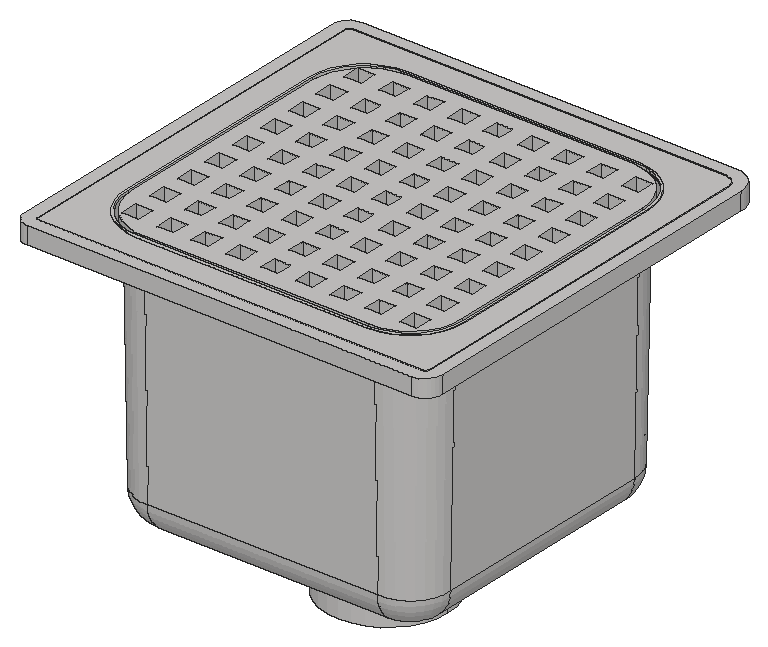
Revit family "Receptor_Sani-Flor_12-In_Square_8-In_Sump_Zurn-Z1751", category Plumbing Fixtures, Revit 2022
Family settings
  Round Connector Dimension = Use Radius
  Part Type = Normal
  OmniClass Number = 23.45.05.14.14
  OmniClass Title = Sinks/Lavatories
  Work Plane-Based = No
  Always vertical = Yes
  Cut with Voids When Loaded = No
  Maintain Annotation Orientation = No
  Shared = No
  Room Calculation Point = No
Parameters (values of type "Load Family Type Catalog")
  Waste Connection = 1 = 1  # yes
  WFU = 0  # constant formula
  Vent Connection = 1 = 0  # no
  URL = "www.zurn.com"
  Type Comments = "Z1751 Sani-Flor Receptor 3 Inch No-Hub Outlet"
  Trap Primer = 1 = 1  # yes
  Thickness = 0.0625"
  Grate Open Area (Sq. In) = "23"
  Product data url = "https://www.bimobject.com/en/zurnindustries/product/zurn-z1751?registration=success"
  Product Page URL = "https://www.zurn.com/products/drainage-interceptors/floor-sinks/z1751"
  Product Documentation Link = "https://files.zurn.com/spec-sheets/z1751.pdf"
  Connector Radius = [A_ Pipe Size (Nominal)] / 2  # 1.500"
  Model = "Z1751-3NH"
  Main Material = Steel - Zurn - Stainless - Type 304
  HWFU = 0  # constant formula
  HW Connection = 1 = 0  # no
  Description = "12 X 12 [305 X 305] SANI-FLOR RECEPTOR 8 [203] SUMP DEPTH"  # constant formula
  CWFU = 0  # constant formula
  CW Connection = 1 = 0  # no
  Assembly Code = "D2030300"
  A_ Pipe Size (Nominal) = 3.000"
  A_ Pipe Size (Actual-Outer) = 3.500"
  A_ Pipe Size (Actual-Inner) = 2.998"
  Modified Date = "09/24/2025"  # constant formula
  Manufacurer Brand = "Zurn"  # constant formula
  Manufacturer = "Zurn Water, LLC"  # constant formula
  E_ Body Length = 10.063"
  Default Elevation = 4.000"  # constant formula
  Date Created = "01/19/2018"  # constant formula
  Approx. Weight (Lbs) = 19.000"
Reference planes (in)
  plane 1 "Center (Front/Back)": y = 0
  plane 2 "Top Level": z = -2.0625
  plane 3 "Center (Left/Right)": x = 0
  plane 4: through (-4.38902, 4.38902, 48) normal (0.7071, 0.7071, 0)
  plane 5: through (4.7432, 4.7432, 48) normal (0.7071, -0.7071, 0)
  plane 6: x = -6
  plane 7: x = 6
  plane 8: x = -5.9375
  plane 9: x = 5.9375
  plane 10: z = -0.5
  plane 11: z = -1.0625
  plane 12: x = -1.75
  plane 13: x = 1.75
  plane 14: x = -1.499
  plane 15: x = 1.499
  plane 16: z = -7.9375
  plane 17: z = -8
  plane 18: z = -10.063
  plane 19: z = -0.0625
  plane 20: y = 0.5
  plane 21: y = 5.5
  plane 22: y = 5
  plane 23: y = 3.75
  plane 24: y = 2
  plane 25: y = 4.375
  plane 26: y = -0.5
  plane 27: y = -3.75
  plane 28: y = -4.375
  plane 29: y = -5.5
  plane 30: y = -5
  plane 31: y = -2
  plane 32: y = 1.75
  plane 33: y = -1.75
  plane 34: y = 6.125
  plane 35: y = -6.125
  plane 36: x = -4.8125
  plane 37: x = 4.8125
  plane 38: x = -4.875
  plane 39: x = 4.875
  plane 40: z = -1.125
  plane 41: x = -4.5
  plane 42: x = 4.5
Forms (in)
  Sweep 1, solid, material "Steel - Zurn - Stainless - Type 304" <- "Main Material", detail levels fine
    path origin (0, 0, 0) x (1, 0, 0) y (0, 1, 0)
      loop
        arc (-3.3125, 4.8125) -> (-4.37316, 4.37316) -> (-4.8125, 3.3125) r 1.5
        line (-4.8125, 3.3125) -> (-4.8125, -3.3125)
        arc (-4.8125, -3.3125) -> (-4.37316, -4.37316) -> (-3.3125, -4.8125) r 1.5
        line (-3.3125, -4.8125) -> (3.3125, -4.8125)
        arc (3.3125, -4.8125) -> (4.37316, -4.37316) -> (4.8125, -3.3125) r 1.5
        line (4.8125, -3.3125) -> (4.8125, 3.3125)
        arc (4.8125, 3.3125) -> (4.37316, 4.37316) -> (3.3125, 4.8125) r 1.5
        line (3.3125, 4.8125) -> (-3.3125, 4.8125)
    profile origin (-4.8125, 0, 0) x (-1, 0, 0) y (0, 0, 1)
      loop
        line (0, -1.0625) -> (-0.28125, -1.0625) -> (-0.38625, -7.07777)
        arc (-0.38625, -7.07777) -> (-0.64782, -7.68659) -> (-1.26111, -7.9375) r 0.875
        line (-1.26111, -7.9375) -> (-1.4625, -7.9375) -> (-1.4625, -8) -> (-1.26111, -8)
        arc (-1.26111, -8) -> (-0.60401, -7.73117) -> (-0.32376, -7.07886) r 0.9375
        line (-0.32376, -7.07886) -> (-0.21983, -1.125) -> (0.0625, -1.125) -> (0.0625, 0) -> (0, 0) -> (0, -1.0625)
  Revolve 2, solid, material "Steel - Zurn - Stainless - Type 304" <- "Main Material", detail levels fine
    sketch origin (0, 0, 0) x (1, 0, 0) y (0, 0, 1)
      loop
        line (-1.75, -7.9375) -> (-1.75, -10.063) -> (-1.499, -10.063) -> (-1.499, -7.9375) -> (-1.75, -7.9375)
      axis (0, -7.9375) -> (0, -10.063)
    angle from 0 to 360
  Extrusion 3, solid, material "Steel - Zurn - Stainless - Type 304" <- "Main Material", detail levels fine
    sketch origin (0, 0, 0) x (1, 0, 0) y (0, 1, 0)
      loop
        circle (0, 0) r 1.75
      loop
        arc (-3.35, -3.1625) -> (-3.29508, -3.29508) -> (-3.1625, -3.35) r 0.1875
        line (-3.1625, -3.35) -> (3.3125, -3.35)
        arc (3.3125, -3.35) -> (3.33902, -3.33902) -> (3.35, -3.3125) r 0.0375
        line (3.35, -3.3125) -> (3.35, 3.3125)
        arc (3.35, 3.3125) -> (3.33902, 3.33902) -> (3.3125, 3.35) r 0.0375
        line (3.3125, 3.35) -> (-3.3125, 3.35)
        arc (-3.3125, 3.35) -> (-3.33902, 3.33902) -> (-3.35, 3.3125) r 0.0375
        line (-3.35, 3.3125) -> (-3.35, -3.1625)
    from -8 to -7.9375
  Sweep 4, solid, material "Steel - Zurn - Stainless - Type 304" <- "Main Material", detail levels fine
    path origin (0, 0, 0) x (1, 0, 0) y (0, 1, 0)
      loop
        arc (-5.5, 6) -> (-5.85355, 5.85355) -> (-6, 5.5) r 0.5
        line (-6, 5.5) -> (-6, -5.56226)
        arc (-6, -5.56226) -> (-5.87179, -5.87179) -> (-5.56226, -6) r 0.43774
        line (-5.56226, -6) -> (5.5, -6)
        arc (5.5, -6) -> (5.85355, -5.85355) -> (6, -5.5) r 0.5
        line (6, -5.5) -> (6, 5.25)
        arc (6, 5.25) -> (5.78033, 5.78033) -> (5.25, 6) r 0.75
        line (5.25, 6) -> (-5.5, 6)
    profile origin (-6, -0.03113, 0) x (-1, 0, 0) y (0, 0, 1)
      loop
        line (-0.375, 0) -> (-0.375, -0.0625) -> (-0.0625, -0.0625) -> (-0.0625, -0.5) -> (0, -0.5) -> (0, 0) -> (-0.375, 0)
  Extrusion 5, solid, material "Steel - Zurn - Stainless - Type 304" <- "Main Material", detail levels fine
    sketch origin (0, 0, 0) x (1, 0, 0) y (0, 1, 0)
      loop
        arc (-5.5, 5.625) -> (-5.58839, 5.58839) -> (-5.625, 5.5) r 0.125
        line (-5.625, 5.5) -> (-5.625, -5.56226)
        arc (-5.625, -5.56226) -> (-5.60663, -5.60663) -> (-5.56226, -5.625) r 0.06274
        line (-5.56226, -5.625) -> (5.5, -5.625)
        arc (5.5, -5.625) -> (5.58839, -5.58839) -> (5.625, -5.5) r 0.125
        line (5.625, -5.5) -> (5.625, 5.25)
        arc (5.625, 5.25) -> (5.51517, 5.51517) -> (5.25, 5.625) r 0.375
        line (5.25, 5.625) -> (-5.5, 5.625)
      loop
        line (-3.3125, -4.8125) -> (3.3125, -4.8125)
        arc (3.3125, -4.8125) -> (4.37316, -4.37316) -> (4.8125, -3.3125) r 1.5
        line (4.8125, -3.3125) -> (4.8125, 3.3125)
        arc (4.8125, 3.3125) -> (4.37316, 4.37316) -> (3.3125, 4.8125) r 1.5
        line (3.3125, 4.8125) -> (-3.3125, 4.8125)
        arc (-3.3125, 4.8125) -> (-4.37316, 4.37316) -> (-4.8125, 3.3125) r 1.5
        line (-4.8125, 3.3125) -> (-4.8125, -3.3125)
        arc (-4.8125, -3.3125) -> (-4.37316, -4.37316) -> (-3.3125, -4.8125) r 1.5
    from -0.0625 to 0
Lines and regions (in)
  Masking region 1, detail levels fine
    outline origin (0, 0, 0) x (1, 0, 0) y (0, 1, 0)
      loop
        line (5.25, 6) -> (-5.5, 6)
        arc (-5.5, 6) -> (-5.85355, 5.85355) -> (-6, 5.5) r 0.5
        line (-6, 5.5) -> (-6, -5.56226)
        arc (-6, -5.56226) -> (-5.87179, -5.87179) -> (-5.56226, -6) r 0.43774
        line (-5.56226, -6) -> (5.5, -6)
        arc (5.5, -6) -> (5.85355, -5.85355) -> (6, -5.5) r 0.5
        line (6, -5.5) -> (6, 5.25)
        arc (6, 5.25) -> (5.78033, 5.78033) -> (5.25, 6) r 0.75
  model lines, detail levels coarse+medium
    curve 1: line (0, 0, 0) -> (0, 0, -10.063)
    curve 2: line (-1.75, 0, -10.063) -> (1.75, 0, -10.063)
    curve 3: line (0, 1.75, -10.063) -> (0, -1.75, -10.063)
    curve 8: line (5.25, 6, 0) -> (-5.5, 6, 0)
    curve 9: line (-6, 5.5, 0) -> (-6, -5.56226, 0)
    curve 10: line (-5.56226, -6, 0) -> (5.5, -6, 0)
    curve 11: line (6, -5.5, 0) -> (6, 5.25, 0)
    curve 12: arc (6, -5.5, 0) -> (5.85355, -5.85355, 0) -> (5.5, -6, 0) r 0.5
    curve 13: arc (-5.56226, -6, 0) -> (-5.87179, -5.87179, 0) -> (-6, -5.56226, 0) r 0.43774
    curve 14: arc (-6, 5.5, 0) -> (-5.85355, 5.85355, 0) -> (-5.5, 6, 0) r 0.5
    curve 15: arc (5.25, 6, 0) -> (5.78033, 5.78033, 0) -> (6, 5.25, 0) r 0.75
    curve 16: line (3.25, 4.73568, 0) -> (-3.236, 4.73568, 0)
    curve 17: line (4.75, -3.236, 0) -> (4.75, 3.23568, 0)
    curve 18: line (-3.236, -4.736, 0) -> (3.25, -4.736, 0)
    curve 19: line (-4.736, 3.23568, 0) -> (-4.736, -3.236, 0)
    curve 20: arc (-3.236, 4.73568, 0) -> (-4.29666, 4.29634, 0) -> (-4.736, 3.23568, 0) r 1.5
    curve 21: arc (-4.736, -3.236, 0) -> (-4.29666, -4.29666, 0) -> (-3.236, -4.736, 0) r 1.5
    curve 22: arc (3.25, -4.736, 0) -> (4.31066, -4.29666, 0) -> (4.75, -3.236, 0) r 1.5
    curve 23: arc (4.75, 3.23568, 0) -> (4.31066, 4.29634, 0) -> (3.25, 4.73568, 0) r 1.5
    curve 24: line (-3.155, 4.73568, 0) -> (-3.155, -4.736, 0)
    curve 25: line (-1.574, 4.73568, 0) -> (-1.574, -4.736, 0)
    curve 26: line (1.588, 4.73568, 0) -> (1.588, -4.736, 0)
    curve 27: line (3.169, 4.73568, 0) -> (3.169, -4.736, 0)
    curve 28: line (0.007, 4.73568, 0) -> (0.007, -4.736, 0)
    curve 29: line (-4.736, 3.15707, 0) -> (4.75, 3.15707, 0)
    curve 30: line (-4.736, 1.57845, 0) -> (4.75, 1.57845, 0)
    curve 31: line (-4.736, -0.00016, 0) -> (4.75, -0.00016, 0)
    curve 32: line (-4.736, -1.57877, 0) -> (4.75, -1.57877, 0)
    curve 33: line (-4.736, -3.15739, 0) -> (4.75, -3.15739, 0)
  symbolic lines, detail levels coarse+medium
    curve 4: line (0, 0, -10.063) -> (0, 0, 0)
    curve 5: line (0, -1.75, -10.063) -> (0, 1.75, -10.063)
    curve 6: line (-1.75, 0, -10.063) -> (1.75, 0, -10.063)
    curve 7: line (0, 0, -10.063) -> (0, 0, 0)
Dimensions and locks (in)
  locked: plane 3 "Center (Left/Right)" to plane 4
  locked: plane 5 to plane 4
  level to plane 2 "Top Level" = 2.0625"
  equal spacing: plane 12, plane 3 "Center (Left/Right)", plane 13
  "A_ Pipe Size (Actual-Outer)": plane 12 to plane 13
  equal spacing: plane 15, plane 3 "Center (Left/Right)", plane 14
  "A_ Pipe Size (Actual-Inner)": plane 15 to plane 14
  locked: plane 1 "Center (Front/Back)" to plane 20 at 0.5
  locked: plane 21 to plane 1 "Center (Front/Back)" at 5.5
  plane 21 to plane 22 = 0.500"
  locked: plane 23 to plane 24 at 1.75
  locked: plane 25 to plane 22 at 0.625
  plane 31 to plane 27 = 1.750"
  plane 27 to plane 28 to plane 30 to plane 29 = 0.625" locked, 0.625" locked, 0.500" locked
  locked: plane 29 to plane 1 "Center (Front/Back)" at 5.5
  locked: plane 1 "Center (Front/Back)" to plane 26 at 0.5
  locked: plane 25 to plane 23 at 0.625
  "A_ Pipe Size (Actual-Outer)": plane 32 to plane 33
  equal spacing: plane 32, plane 1 "Center (Front/Back)", plane 33
  plane 34 to plane 35 = 12.250"
  equal spacing: plane 34, plane 1 "Center (Front/Back)", plane 35
  "Thickness": plane 8 to plane 6
  "Thickness": plane 7 to plane 9
  locked: plane 7 to plane 6 at 12
  equal spacing: plane 7, plane 3 "Center (Left/Right)", plane 6, locked at 6 each
  locked: plane 37 to plane 36 at 9.625
  equal spacing: plane 37, plane 3 "Center (Left/Right)", plane 36, locked at 4.8125 each
  "Thickness": plane 37 to plane 39
  "Thickness": plane 36 to plane 38
  locked: level to plane 11 at 1.0625
  "Thickness": level to plane 19
  locked: level to plane 10 at 0.5
  "Thickness": plane 11 to plane 40
  locked: plane 41 to plane 36 at 0.3125
  locked: plane 37 to plane 42 at 0.3125
  "E_ Body Length": level to plane 18
  "Thickness": plane 16 to plane 17
  locked: level to plane 17 at 8
  locked: Sweep 1 sketch curve to Sweep 1 sketch curve at 9.625
  equal spacing: Sweep 1 sketch curve, plane 1 "Center (Front/Back)", Sweep 1 sketch curve
  "Thickness": Sweep 1 sketch curve to Sweep 1 sketch curve
  Sweep 1 sketch curve to plane 3 "Center (Left/Right)" = 3.350"
  locked: Sweep 4 sketch curve to Sweep 4 sketch curve at 12
  plane 38 to Sweep 4 sketch curve = 0.750"
  equal spacing: curve 19, curve 24, curve 25, curve 28, curve 26, curve 27, curve 17, locked at 1.581 each
  equal spacing: curve 16, curve 29, curve 30, curve 31, curve 32, curve 33, curve 18, locked at 1.57861 each
  radius of Sweep 1 sketch curve = 0.875"
  radius of Sweep 1 sketch curve = 0.9375"
  radius of Sweep 4 sketch curve = 0.43774"
  locked: plane 16 to Sweep 1 sketch curve (angle 91.00°)
  aligned and locked: plane 12 to curve 2
  aligned and locked: plane 13 to curve 2
  aligned and locked: curve 2 to plane 18
  aligned and locked: level to curve 1
  aligned and locked: plane 18 to curve 1
  aligned and locked: curve 1 to plane 3 "Center (Left/Right)"
  aligned and locked: plane 32 to curve 3
  aligned and locked: plane 33 to curve 3
  aligned and locked: curve 3 to plane 18
  aligned and locked: plane 32 to curve 5
  aligned and locked: plane 33 to curve 5
  aligned and locked: plane 18 to curve 5
  aligned and locked: level to curve 4
  aligned and locked: plane 18 to curve 4
  aligned and locked: plane 1 "Center (Front/Back)" to curve 4
  aligned and locked: plane 12 to curve 6
  aligned and locked: plane 13 to curve 6
  aligned and locked: curve 6 to plane 18
  aligned and locked: plane 3 "Center (Left/Right)" to curve 7
  aligned and locked: plane 37 to Sweep 1 sketch curve
  aligned and locked: Sweep 1 sketch curve to plane 40
  aligned and locked: Sweep 1 sketch curve to plane 11
  aligned and locked: profile plane to Sweep 1 sketch curve
  aligned and locked: plane 36 to Sweep 1 sketch curve  (x2)
  aligned and locked: Sweep 1 sketch curve to plane 38
  aligned and locked: plane 17 to Sweep 1 sketch curve
  aligned and locked: Sweep 1 sketch curve to plane 16
  aligned and locked: plane 18 to Revolve 2 sketch curve
  aligned and locked: Revolve 2 sketch curve to plane 16
  aligned and locked: Revolve 2 sketch curve to plane 14
  aligned and locked: Revolve 2 sketch curve to plane 12
  aligned and locked: plane 16 to Revolve 2 sketch curve
  aligned and locked: Revolve 2 sketch curve to plane 3 "Center (Left/Right)"
  aligned and locked: Extrusion 3 sketch curve to Revolve 2
  aligned and locked: Sweep 1 to Extrusion 3 sketch curve
  aligned and locked: Extrusion 3 sketch curve to Sweep 1  (x3)
  aligned and locked: Extrusion 3 to plane 17
  aligned and locked: plane 16 to Extrusion 3
  aligned and locked: Sweep 4 sketch curve to plane 7
  aligned and locked: Sweep 4 sketch curve to plane 19
  aligned and locked: profile plane to Sweep 4 sketch curve
  aligned and locked: Sweep 4 sketch curve to plane 6
  aligned and locked: Sweep 4 sketch curve to plane 10
  aligned and locked: plane 8 to Sweep 4 sketch curve
  aligned and locked: plane 6 to Sweep 4 sketch curve
  aligned and locked: Extrusion 5 sketch curve to Sweep 4  (x4)
  aligned and locked: Extrusion 5 sketch curve to Sweep 1  (x3)
  aligned and locked: Extrusion 5 to plane 19
  aligned and locked: level to Extrusion 5
  aligned and locked: curve 12 to Sweep 4
  aligned and locked: curve 13 to Sweep 4
  aligned and locked: curve 14 to Sweep 4
  aligned and locked: curve 15 to Sweep 4
  aligned and locked: Masking region 1 sketch curve to Sweep 4  (x4)
  aligned and locked: plane 1 "Center (Front/Back)" to nested 1
  aligned and locked: level to nested 1
  aligned and locked: plane 3 "Center (Left/Right)" to nested 1
Automatic sketch dimensions
  Sweep 1 sketch curve to plane 41 = 1.1875"
  Sweep 1 sketch curve to plane 23 = 0.4375"
  Sweep 1 sketch curve to plane 42 = 1.1875"  (x2)
  profile plane to Sweep 1 sketch curve = 0.38625"
  Revolve 2 sketch curve to plane 18 = 0.000"
  plane 1 "Center (Front/Back)" to Extrusion 3 sketch curve = 0.000"  (x2)
  Extrusion 3 sketch curve to Extrusion 3 sketch curve = 0.1875"
  Sweep 4 sketch curve to plane 21 = 0.000"
  Sweep 4 sketch curve to plane 21 = 0.250"
  Sweep 4 sketch curve to plane 9 = 0.4375"
  plane 27 to Extrusion 5 sketch curve = 0.4375"
  Sweep 4 sketch curve to plane 4 = 0.000"
  curve 7 to level = 0.000"
Nested families (in)
  nested 1: "Grate" at (0, 0, 0), type "Grate", detail levels fine
Definition of nested family "Grate"
  Parameters (values of type "Grate")
    Width = 12.000"
    Waste Connection = 1 = 1  # yes
    WFU = 0  # constant formula
    Vent Connection = 1 = 0  # no
    URL = "www.zurn.com"
    Type Comments = "Z1752 Sani-Flor Receptor - 2 Inch No-Hub Outlet"
    Sink Sump Depth = 10.000"
    Product data url = "https://www.bimobject.com/en/zurnindustries/product/zurn-z1752"
    Product Page URL = "https://www.zurn.com/products/drainage-interceptors/floor-sinks/z1752"
    Product Documentation Link = "https://files.zurn.com/spec-sheets/z1752.pdf"
    Outlet Inner Radius = [Actual Pipe Size Outer Diameter (A)] / 2  # 1.1875"
    Outlet Connection = [Nominal Pipe Size (A)] / 2  # 1.000"
    Nominal Pipe Size (A) = 2.000"
    Model = "Z1752"  # constant formula
    Main Material = none
    HWFU = 0  # constant formula
    HW Connection = 1 = 0  # no
    Description = "12 X 12 [305 X 305] SANI-FLOR RECEPTOR 10 [254] SUMP DEPTH"  # constant formula
    CWFU = 0  # constant formula
    CW Connection = 1 = 0  # no
    Body Height (E) = 12.063"
    Assembly Code = "D2030300"
    Actual Pipe Size Outer Diameter (A) = 2.375"
    Modified Date = "09/23/25"  # constant formula
    Manufacurer Brand = "Zurn"  # constant formula
    Manufacturer = "Zurn Water, LLC"  # constant formula
    Default Elevation = 2.000"  # constant formula
    Date Created = "07/03/18"  # constant formula
    Approx. Weight (Lbs) = 22.000"
  Reference planes (in)
    plane 1 "Center (Front/Back)": y = 0
    plane 2: z = 0
    plane 3 "Center (Left/Right)": x = 0
    plane 4: x = -4.75
    plane 5: x = 4.75
    plane 6: y = 6
    plane 7: y = -6
    plane 8: x = -6
    plane 9: x = 6
    plane 10: z = -12.063
    plane 11: x = -4.28125
    plane 12: x = 4.28125
    plane 13: z = -0.063
    plane 14: x = 4.53125
    plane 15: z = -10
    plane 16: z = -5.688
    plane 17: z = -5.968
    plane 18: z = -5.593
    plane 19: z = -2.75
    plane 20: z = -2.7
    plane 21: y = 4.73568
    plane 22: y = -4.736
    plane 23: x = 4.38654
    plane 24: y = 4.86068
    plane 25: x = 4.736
    plane 26: x = -4.736
    plane 27: x = -3.236
    plane 28: x = 3.25
    plane 29: y = -3.236
    plane 30: y = 3.23568
    plane 31: y = 3.29634
    plane 32: y = 2.79634
    plane 33: y = 2.29634
    plane 34: y = 1.79634
    plane 35: x = -3.78125
    plane 36: y = 0.29634
    plane 37: y = -0.20366
    plane 38: y = -0.70366
    plane 39: y = -1.20366
    plane 40: x = -3.78125
    plane 41: y = -2.70366
    plane 42: y = -3.20366
    plane 43: y = -3.70366
    plane 44: y = -4.20366
    plane 45: x = -3.78125
    plane 46 "Plane for Outlets": z = -9.999
    plane 47: y = 3.29634
    plane 48: y = 2.79634
    plane 49: y = 2.29634
    plane 50: y = 1.79634
    plane 51: x = -3.78125
    plane 52: y = 3.29634
    plane 53: y = 2.79634
    plane 54: y = 2.29634
    plane 55: y = 1.79634
    plane 56: x = -2.78125
    plane 57: y = 0.29634
    plane 58: y = -0.20366
    plane 59: y = -0.70366
    plane 60: y = -1.20366
    plane 61: x = -2.78125
    plane 62: y = -2.70366
    plane 63: y = -3.20366
    plane 64: y = -3.70366
    plane 65: y = -4.20366
    plane 66: x = -2.78125
    plane 67: y = 3.29634
    plane 68: y = 2.79634
    plane 69: y = 2.29634
    plane 70: y = 1.79634
    plane 71: x = -1.78125
    plane 72: y = 0.29634
    plane 73: y = -0.20366
    plane 74: y = -0.70366
    plane 75: y = -1.20366
    plane 76: x = -1.78125
    plane 77: y = -2.70366
    plane 78: y = -3.20366
    plane 79: y = -3.70366
    plane 80: y = -4.20366
    plane 81: x = -1.78125
    plane 82: y = 3.29634
    plane 83: y = 2.79634
    plane 84: y = 2.29634
    plane 85: y = 1.79634
    plane 86: x = -0.78125
    plane 87: y = 0.29634
    plane 88: y = -0.20366
    plane 89: y = -0.70366
    plane 90: y = -1.20366
    plane 91: x = -0.78125
    plane 92: y = -2.70366
    plane 93: y = -3.20366
    plane 94: y = -3.70366
    plane 95: y = -4.20366
    plane 96: x = -0.78125
    plane 97: y = 3.29634
    plane 98: y = 2.79634
    plane 99: y = 2.29634
    plane 100: y = 1.79634
    plane 101: x = 0.21875
    plane 102: y = 0.29634
    plane 103: y = -0.20366
    plane 104: y = -0.70366
    plane 105: y = -1.20366
    plane 106: x = 0.21875
    plane 107: y = -2.70366
    plane 108: y = -3.20366
    plane 109: y = -3.70366
    plane 110: y = -4.20366
    plane 111: x = 0.21875
    plane 112: y = 3.29634
    plane 113: y = 2.79634
    plane 114: y = 2.29634
    plane 115: y = 1.79634
    plane 116: x = 1.21875
    plane 117: y = 0.29634
    plane 118: y = -0.20366
    plane 119: y = -0.70366
    plane 120: y = -1.20366
    plane 121: x = 1.21875
    plane 122: y = -2.70366
    plane 123: y = -3.20366
    plane 124: y = -3.70366
    plane 125: y = -4.20366
    plane 126: x = 1.21875
    plane 127: y = 3.29634
    plane 128: y = 2.79634
    plane 129: y = 2.29634
    plane 130: y = 1.79634
    plane 131: x = 2.21875
    plane 132: y = 0.29634
    plane 133: y = -0.20366
    plane 134: y = -0.70366
    plane 135: y = -1.20366
    plane 136: x = 2.21875
    plane 137: y = -2.70366
    plane 138: y = -3.20366
    plane 139: y = -3.70366
    plane 140: y = -4.20366
    plane 141: x = 2.21875
    plane 142: y = 3.29634
    plane 143: y = 2.79634
    plane 144: y = 2.29634
    plane 145: y = 1.79634
    plane 146: x = 3.21875
    plane 147: y = 0.29634
    plane 148: y = -0.20366
    plane 149: y = -0.70366
    plane 150: y = -1.20366
    plane 151: x = 3.21875
    plane 152: y = -2.70366
    plane 153: y = -3.20366
    plane 154: y = -3.70366
    plane 155: y = -4.20366
    plane 156: x = 3.21875
    plane 157: y = 3.29634
    plane 158: y = 2.79634
    plane 159: y = 2.29634
    plane 160: y = 1.79634
    plane 161: x = 4.21875
    plane 162: y = 0.29634
    plane 163: y = -0.20366
    plane 164: y = -0.70366
    plane 165: y = -1.20366
    plane 166: x = 4.21875
    plane 167: y = -2.70366
    plane 168: y = -3.20366
    plane 169: y = -3.70366
    plane 170: y = -4.20366
    plane 171: x = 4.21875
    plane 172: x = -4.03125
    plane 173: x = -3.03125
    plane 174: x = -2.03125
    plane 175: x = -1.03125
    plane 176: x = 0.96875
    plane 177: x = 1.96073
    plane 178: x = 2.96875
    plane 179: x = 3.96875
    plane 180: y = 4.04634
    plane 181: y = 3.04634
    plane 182: y = 2.04634
    plane 183: y = 1.04634
    plane 184: y = 0.04634
    plane 185: y = -0.95366
    plane 186: y = -1.95366
    plane 187: y = -2.95366
    plane 188: y = -3.95366
    plane 189: y = 1.00283
    plane 190: y = -1.00112
    plane 191: x = 1.1875
    plane 192: x = -1.1875
    plane 193: y = 1.1875
    plane 194: y = -1.1875
  Forms (in)
    Extrusion 1, solid, material <- "Main Material"
      sketch origin (0, 0, 0) x (1, 0, 0) y (0, 1, 0)
        loop
          line (3.25, 4.73568) -> (-3.236, 4.73568)
          arc (-3.236, 4.73568) -> (-4.29666, 4.29634) -> (-4.736, 3.23568) r 1.5
          line (-4.736, 3.23568) -> (-4.736, -3.236)
          arc (-4.736, -3.236) -> (-4.29666, -4.29666) -> (-3.236, -4.736) r 1.5
          line (-3.236, -4.736) -> (3.25, -4.736)
          arc (3.25, -4.736) -> (4.31066, -4.29666) -> (4.75, -3.236) r 1.5
          line (4.75, -3.236) -> (4.75, 3.23568)
          arc (4.75, 3.23568) -> (4.31066, 4.29634) -> (3.25, 4.73568) r 1.5
      from 0 to -1.062
    Extrusion 2, void
      sketch origin (0, 0, 0) x (1, 0, 0) y (0, 1, 0)
        loop
          line (-4.28125, 4.29634) -> (-4.28125, 3.79634) -> (-3.78125, 3.79634) -> (-3.78125, 4.29634) -> (-4.28125, 4.29634)
        loop
          line (-4.28125, 3.29634) -> (-4.28125, 2.79634) -> (-3.78125, 2.79634) -> (-3.78125, 3.29634) -> (-4.28125, 3.29634)
        loop
          line (-4.28125, 2.29634) -> (-4.28125, 1.79634) -> (-3.78125, 1.79634) -> (-3.78125, 2.29634) -> (-4.28125, 2.29634)
      from 0 to -1.062
    Extrusion 3, void
      sketch origin (0, -3, 0) x (1, 0, 0) y (0, 1, 0)
        loop
          line (-4.28125, 4.29634) -> (-4.28125, 3.79634) -> (-3.78125, 3.79634) -> (-3.78125, 4.29634) -> (-4.28125, 4.29634)
        loop
          line (-4.28125, 3.29634) -> (-4.28125, 2.79634) -> (-3.78125, 2.79634) -> (-3.78125, 3.29634) -> (-4.28125, 3.29634)
        loop
          line (-4.28125, 2.29634) -> (-4.28125, 1.79634) -> (-3.78125, 1.79634) -> (-3.78125, 2.29634) -> (-4.28125, 2.29634)
      from 0 to -1.062
    Extrusion 4, void
      sketch origin (0, -6, 0) x (1, 0, 0) y (0, 1, 0)
        loop
          line (-4.28125, 4.29634) -> (-4.28125, 3.79634) -> (-3.78125, 3.79634) -> (-3.78125, 4.29634) -> (-4.28125, 4.29634)
        loop
          line (-4.28125, 3.29634) -> (-4.28125, 2.79634) -> (-3.78125, 2.79634) -> (-3.78125, 3.29634) -> (-4.28125, 3.29634)
        loop
          line (-4.28125, 2.29634) -> (-4.28125, 1.79634) -> (-3.78125, 1.79634) -> (-3.78125, 2.29634) -> (-4.28125, 2.29634)
      from 0 to -1.062
    Extrusion 5, void, not visible
      sketch origin (0, 0, 0) x (1, 0, 0) y (0, 1, 0)
        loop
          line (-4.28125, 4.29634) -> (-4.28125, 3.79634) -> (-3.78125, 3.79634) -> (-3.78125, 4.29634) -> (-4.28125, 4.29634)
        loop
          line (-4.28125, 3.29634) -> (-4.28125, 2.79634) -> (-3.78125, 2.79634) -> (-3.78125, 3.29634) -> (-4.28125, 3.29634)
        loop
          line (-4.28125, 2.29634) -> (-4.28125, 1.79634) -> (-3.78125, 1.79634) -> (-3.78125, 2.29634) -> (-4.28125, 2.29634)
      from 0 to -1.062
    Extrusion 6, void
      sketch origin (1, 0, 0) x (1, 0, 0) y (0, 1, 0)
        loop
          line (-4.28125, 4.29634) -> (-4.28125, 3.79634) -> (-3.78125, 3.79634) -> (-3.78125, 4.29634) -> (-4.28125, 4.29634)
        loop
          line (-4.28125, 3.29634) -> (-4.28125, 2.79634) -> (-3.78125, 2.79634) -> (-3.78125, 3.29634) -> (-4.28125, 3.29634)
        loop
          line (-4.28125, 2.29634) -> (-4.28125, 1.79634) -> (-3.78125, 1.79634) -> (-3.78125, 2.29634) -> (-4.28125, 2.29634)
      from 0 to -1.062
    Extrusion 7, void
      sketch origin (1, -3, 0) x (1, 0, 0) y (0, 1, 0)
        loop
          line (-4.28125, 4.29634) -> (-4.28125, 3.79634) -> (-3.78125, 3.79634) -> (-3.78125, 4.29634) -> (-4.28125, 4.29634)
        loop
          line (-4.28125, 3.29634) -> (-4.28125, 2.79634) -> (-3.78125, 2.79634) -> (-3.78125, 3.29634) -> (-4.28125, 3.29634)
        loop
          line (-4.28125, 2.29634) -> (-4.28125, 1.79634) -> (-3.78125, 1.79634) -> (-3.78125, 2.29634) -> (-4.28125, 2.29634)
      from 0 to -1.062
    Extrusion 8, void
      sketch origin (1, -6, 0) x (1, 0, 0) y (0, 1, 0)
        loop
          line (-4.28125, 4.29634) -> (-4.28125, 3.79634) -> (-3.78125, 3.79634) -> (-3.78125, 4.29634) -> (-4.28125, 4.29634)
        loop
          line (-4.28125, 3.29634) -> (-4.28125, 2.79634) -> (-3.78125, 2.79634) -> (-3.78125, 3.29634) -> (-4.28125, 3.29634)
        loop
          line (-4.28125, 2.29634) -> (-4.28125, 1.79634) -> (-3.78125, 1.79634) -> (-3.78125, 2.29634) -> (-4.28125, 2.29634)
      from 0 to -1.062
    Extrusion 9, void
      sketch origin (2, 0, 0) x (1, 0, 0) y (0, 1, 0)
        loop
          line (-4.28125, 4.29634) -> (-4.28125, 3.79634) -> (-3.78125, 3.79634) -> (-3.78125, 4.29634) -> (-4.28125, 4.29634)
        loop
          line (-4.28125, 3.29634) -> (-4.28125, 2.79634) -> (-3.78125, 2.79634) -> (-3.78125, 3.29634) -> (-4.28125, 3.29634)
        loop
          line (-4.28125, 2.29634) -> (-4.28125, 1.79634) -> (-3.78125, 1.79634) -> (-3.78125, 2.29634) -> (-4.28125, 2.29634)
      from 0 to -1.062
    Extrusion 10, void
      sketch origin (2, -3, 0) x (1, 0, 0) y (0, 1, 0)
        loop
          line (-4.28125, 4.29634) -> (-4.28125, 3.79634) -> (-3.78125, 3.79634) -> (-3.78125, 4.29634) -> (-4.28125, 4.29634)
        loop
          line (-4.28125, 3.29634) -> (-4.28125, 2.79634) -> (-3.78125, 2.79634) -> (-3.78125, 3.29634) -> (-4.28125, 3.29634)
        loop
          line (-4.28125, 2.29634) -> (-4.28125, 1.79634) -> (-3.78125, 1.79634) -> (-3.78125, 2.29634) -> (-4.28125, 2.29634)
      from 0 to -1.062
    Extrusion 11, void
      sketch origin (2, -6, 0) x (1, 0, 0) y (0, 1, 0)
        loop
          line (-4.28125, 4.29634) -> (-4.28125, 3.79634) -> (-3.78125, 3.79634) -> (-3.78125, 4.29634) -> (-4.28125, 4.29634)
        loop
          line (-4.28125, 3.29634) -> (-4.28125, 2.79634) -> (-3.78125, 2.79634) -> (-3.78125, 3.29634) -> (-4.28125, 3.29634)
        loop
          line (-4.28125, 2.29634) -> (-4.28125, 1.79634) -> (-3.78125, 1.79634) -> (-3.78125, 2.29634) -> (-4.28125, 2.29634)
      from 0 to -1.062
    Extrusion 12, void
      sketch origin (3, 0, 0) x (1, 0, 0) y (0, 1, 0)
        loop
          line (-4.28125, 4.29634) -> (-4.28125, 3.79634) -> (-3.78125, 3.79634) -> (-3.78125, 4.29634) -> (-4.28125, 4.29634)
        loop
          line (-4.28125, 3.29634) -> (-4.28125, 2.79634) -> (-3.78125, 2.79634) -> (-3.78125, 3.29634) -> (-4.28125, 3.29634)
        loop
          line (-4.28125, 2.29634) -> (-4.28125, 1.79634) -> (-3.78125, 1.79634) -> (-3.78125, 2.29634) -> (-4.28125, 2.29634)
      from 0 to -1.062
    Extrusion 13, void
      sketch origin (3, -3, 0) x (1, 0, 0) y (0, 1, 0)
        loop
          line (-4.28125, 4.29634) -> (-4.28125, 3.79634) -> (-3.78125, 3.79634) -> (-3.78125, 4.29634) -> (-4.28125, 4.29634)
        loop
          line (-4.28125, 3.29634) -> (-4.28125, 2.79634) -> (-3.78125, 2.79634) -> (-3.78125, 3.29634) -> (-4.28125, 3.29634)
        loop
          line (-4.28125, 2.29634) -> (-4.28125, 1.79634) -> (-3.78125, 1.79634) -> (-3.78125, 2.29634) -> (-4.28125, 2.29634)
      from 0 to -1.062
    Extrusion 14, void
      sketch origin (3, -6, 0) x (1, 0, 0) y (0, 1, 0)
        loop
          line (-4.28125, 4.29634) -> (-4.28125, 3.79634) -> (-3.78125, 3.79634) -> (-3.78125, 4.29634) -> (-4.28125, 4.29634)
        loop
          line (-4.28125, 3.29634) -> (-4.28125, 2.79634) -> (-3.78125, 2.79634) -> (-3.78125, 3.29634) -> (-4.28125, 3.29634)
        loop
          line (-4.28125, 2.29634) -> (-4.28125, 1.79634) -> (-3.78125, 1.79634) -> (-3.78125, 2.29634) -> (-4.28125, 2.29634)
      from 0 to -1.062
    Extrusion 15, void
      sketch origin (4, 0, 0) x (1, 0, 0) y (0, 1, 0)
        loop
          line (-4.28125, 4.29634) -> (-4.28125, 3.79634) -> (-3.78125, 3.79634) -> (-3.78125, 4.29634) -> (-4.28125, 4.29634)
        loop
          line (-4.28125, 3.29634) -> (-4.28125, 2.79634) -> (-3.78125, 2.79634) -> (-3.78125, 3.29634) -> (-4.28125, 3.29634)
        loop
          line (-4.28125, 2.29634) -> (-4.28125, 1.79634) -> (-3.78125, 1.79634) -> (-3.78125, 2.29634) -> (-4.28125, 2.29634)
      from 0 to -1.062
    Extrusion 16, void
      sketch origin (4, -3, 0) x (1, 0, 0) y (0, 1, 0)
        loop
          line (-4.28125, 4.29634) -> (-4.28125, 3.79634) -> (-3.78125, 3.79634) -> (-3.78125, 4.29634) -> (-4.28125, 4.29634)
        loop
          line (-4.28125, 3.29634) -> (-4.28125, 2.79634) -> (-3.78125, 2.79634) -> (-3.78125, 3.29634) -> (-4.28125, 3.29634)
        loop
          line (-4.28125, 2.29634) -> (-4.28125, 1.79634) -> (-3.78125, 1.79634) -> (-3.78125, 2.29634) -> (-4.28125, 2.29634)
      from 0 to -1.062
    Extrusion 17, void
      sketch origin (4, -6, 0) x (1, 0, 0) y (0, 1, 0)
        loop
          line (-4.28125, 4.29634) -> (-4.28125, 3.79634) -> (-3.78125, 3.79634) -> (-3.78125, 4.29634) -> (-4.28125, 4.29634)
        loop
          line (-4.28125, 3.29634) -> (-4.28125, 2.79634) -> (-3.78125, 2.79634) -> (-3.78125, 3.29634) -> (-4.28125, 3.29634)
        loop
          line (-4.28125, 2.29634) -> (-4.28125, 1.79634) -> (-3.78125, 1.79634) -> (-3.78125, 2.29634) -> (-4.28125, 2.29634)
      from 0 to -1.062
    Extrusion 18, void
      sketch origin (5, 0, 0) x (1, 0, 0) y (0, 1, 0)
        loop
          line (-4.28125, 4.29634) -> (-4.28125, 3.79634) -> (-3.78125, 3.79634) -> (-3.78125, 4.29634) -> (-4.28125, 4.29634)
        loop
          line (-4.28125, 3.29634) -> (-4.28125, 2.79634) -> (-3.78125, 2.79634) -> (-3.78125, 3.29634) -> (-4.28125, 3.29634)
        loop
          line (-4.28125, 2.29634) -> (-4.28125, 1.79634) -> (-3.78125, 1.79634) -> (-3.78125, 2.29634) -> (-4.28125, 2.29634)
      from 0 to -1.062
    Extrusion 19, void
      sketch origin (5, -3, 0) x (1, 0, 0) y (0, 1, 0)
        loop
          line (-4.28125, 4.29634) -> (-4.28125, 3.79634) -> (-3.78125, 3.79634) -> (-3.78125, 4.29634) -> (-4.28125, 4.29634)
        loop
          line (-4.28125, 3.29634) -> (-4.28125, 2.79634) -> (-3.78125, 2.79634) -> (-3.78125, 3.29634) -> (-4.28125, 3.29634)
        loop
          line (-4.28125, 2.29634) -> (-4.28125, 1.79634) -> (-3.78125, 1.79634) -> (-3.78125, 2.29634) -> (-4.28125, 2.29634)
      from 0 to -1.062
    Extrusion 20, void
      sketch origin (5, -6, 0) x (1, 0, 0) y (0, 1, 0)
        loop
          line (-4.28125, 4.29634) -> (-4.28125, 3.79634) -> (-3.78125, 3.79634) -> (-3.78125, 4.29634) -> (-4.28125, 4.29634)
        loop
          line (-4.28125, 3.29634) -> (-4.28125, 2.79634) -> (-3.78125, 2.79634) -> (-3.78125, 3.29634) -> (-4.28125, 3.29634)
        loop
          line (-4.28125, 2.29634) -> (-4.28125, 1.79634) -> (-3.78125, 1.79634) -> (-3.78125, 2.29634) -> (-4.28125, 2.29634)
      from 0 to -1.062
    Extrusion 21, void
      sketch origin (6, 0, 0) x (1, 0, 0) y (0, 1, 0)
        loop
          line (-4.28125, 4.29634) -> (-4.28125, 3.79634) -> (-3.78125, 3.79634) -> (-3.78125, 4.29634) -> (-4.28125, 4.29634)
        loop
          line (-4.28125, 3.29634) -> (-4.28125, 2.79634) -> (-3.78125, 2.79634) -> (-3.78125, 3.29634) -> (-4.28125, 3.29634)
        loop
          line (-4.28125, 2.29634) -> (-4.28125, 1.79634) -> (-3.78125, 1.79634) -> (-3.78125, 2.29634) -> (-4.28125, 2.29634)
      from 0 to -1.062
    Extrusion 22, void
      sketch origin (6, -3, 0) x (1, 0, 0) y (0, 1, 0)
        loop
          line (-4.28125, 4.29634) -> (-4.28125, 3.79634) -> (-3.78125, 3.79634) -> (-3.78125, 4.29634) -> (-4.28125, 4.29634)
        loop
          line (-4.28125, 3.29634) -> (-4.28125, 2.79634) -> (-3.78125, 2.79634) -> (-3.78125, 3.29634) -> (-4.28125, 3.29634)
        loop
          line (-4.28125, 2.29634) -> (-4.28125, 1.79634) -> (-3.78125, 1.79634) -> (-3.78125, 2.29634) -> (-4.28125, 2.29634)
      from 0 to -1.062
    Extrusion 23, void
      sketch origin (6, -6, 0) x (1, 0, 0) y (0, 1, 0)
        loop
          line (-4.28125, 4.29634) -> (-4.28125, 3.79634) -> (-3.78125, 3.79634) -> (-3.78125, 4.29634) -> (-4.28125, 4.29634)
        loop
          line (-4.28125, 3.29634) -> (-4.28125, 2.79634) -> (-3.78125, 2.79634) -> (-3.78125, 3.29634) -> (-4.28125, 3.29634)
        loop
          line (-4.28125, 2.29634) -> (-4.28125, 1.79634) -> (-3.78125, 1.79634) -> (-3.78125, 2.29634) -> (-4.28125, 2.29634)
      from 0 to -1.062
    Extrusion 24, void
      sketch origin (7, 0, 0) x (1, 0, 0) y (0, 1, 0)
        loop
          line (-4.28125, 4.29634) -> (-4.28125, 3.79634) -> (-3.78125, 3.79634) -> (-3.78125, 4.29634) -> (-4.28125, 4.29634)
        loop
          line (-4.28125, 3.29634) -> (-4.28125, 2.79634) -> (-3.78125, 2.79634) -> (-3.78125, 3.29634) -> (-4.28125, 3.29634)
        loop
          line (-4.28125, 2.29634) -> (-4.28125, 1.79634) -> (-3.78125, 1.79634) -> (-3.78125, 2.29634) -> (-4.28125, 2.29634)
      from 0 to -1.062
    Extrusion 25, void
      sketch origin (7, -3, 0) x (1, 0, 0) y (0, 1, 0)
        loop
          line (-4.28125, 4.29634) -> (-4.28125, 3.79634) -> (-3.78125, 3.79634) -> (-3.78125, 4.29634) -> (-4.28125, 4.29634)
        loop
          line (-4.28125, 3.29634) -> (-4.28125, 2.79634) -> (-3.78125, 2.79634) -> (-3.78125, 3.29634) -> (-4.28125, 3.29634)
        loop
          line (-4.28125, 2.29634) -> (-4.28125, 1.79634) -> (-3.78125, 1.79634) -> (-3.78125, 2.29634) -> (-4.28125, 2.29634)
      from 0 to -1.062
    Extrusion 26, void
      sketch origin (7, -6, 0) x (1, 0, 0) y (0, 1, 0)
        loop
          line (-4.28125, 4.29634) -> (-4.28125, 3.79634) -> (-3.78125, 3.79634) -> (-3.78125, 4.29634) -> (-4.28125, 4.29634)
        loop
          line (-4.28125, 3.29634) -> (-4.28125, 2.79634) -> (-3.78125, 2.79634) -> (-3.78125, 3.29634) -> (-4.28125, 3.29634)
        loop
          line (-4.28125, 2.29634) -> (-4.28125, 1.79634) -> (-3.78125, 1.79634) -> (-3.78125, 2.29634) -> (-4.28125, 2.29634)
      from 0 to -1.062
    Extrusion 27, void
      sketch origin (8, 0, 0) x (1, 0, 0) y (0, 1, 0)
        loop
          line (-4.28125, 4.29634) -> (-4.28125, 3.79634) -> (-3.78125, 3.79634) -> (-3.78125, 4.29634) -> (-4.28125, 4.29634)
        loop
          line (-4.28125, 3.29634) -> (-4.28125, 2.79634) -> (-3.78125, 2.79634) -> (-3.78125, 3.29634) -> (-4.28125, 3.29634)
        loop
          line (-4.28125, 2.29634) -> (-4.28125, 1.79634) -> (-3.78125, 1.79634) -> (-3.78125, 2.29634) -> (-4.28125, 2.29634)
      from 0 to -1.062
    Extrusion 28, void
      sketch origin (8, -3, 0) x (1, 0, 0) y (0, 1, 0)
        loop
          line (-4.28125, 4.29634) -> (-4.28125, 3.79634) -> (-3.78125, 3.79634) -> (-3.78125, 4.29634) -> (-4.28125, 4.29634)
        loop
          line (-4.28125, 3.29634) -> (-4.28125, 2.79634) -> (-3.78125, 2.79634) -> (-3.78125, 3.29634) -> (-4.28125, 3.29634)
        loop
          line (-4.28125, 2.29634) -> (-4.28125, 1.79634) -> (-3.78125, 1.79634) -> (-3.78125, 2.29634) -> (-4.28125, 2.29634)
      from 0 to -1.062
    Extrusion 29, void
      sketch origin (8, -6, 0) x (1, 0, 0) y (0, 1, 0)
        loop
          line (-4.28125, 4.29634) -> (-4.28125, 3.79634) -> (-3.78125, 3.79634) -> (-3.78125, 4.29634) -> (-4.28125, 4.29634)
        loop
          line (-4.28125, 3.29634) -> (-4.28125, 2.79634) -> (-3.78125, 2.79634) -> (-3.78125, 3.29634) -> (-4.28125, 3.29634)
        loop
          line (-4.28125, 2.29634) -> (-4.28125, 1.79634) -> (-3.78125, 1.79634) -> (-3.78125, 2.29634) -> (-4.28125, 2.29634)
      from 0 to -1.062
  Cuts and joins
    Extrusion 2, Extrusion 3, Extrusion 4, Extrusion 6, Extrusion 7, Extrusion 8, Extrusion 9, Extrusion 10, Extrusion 11, Extrusion 12, Extrusion 13, Extrusion 14, Extrusion 15, Extrusion 16, Extrusion 17, Extrusion 18, Extrusion 19, Extrusion 20, Extrusion 21, Extrusion 22, Extrusion 23, Extrusion 24, Extrusion 25, Extrusion 26, Extrusion 27, Extrusion 28, Extrusion 29 cuts Extrusion 1
  Lines and regions (in)
    symbolic lines, detail levels coarse+medium
      curve 1: line (-6, 0, 0) -> (6, 0, 0)
      curve 2: line (0, 0, 0) -> (0, 0, -12.063)
      curve 3: line (-1.1875, 0, -12.063) -> (1.1875, 0, -12.063)
      curve 4: line (0, 6, 0) -> (0, -6, 0)
      curve 5: line (0, 0, 0) -> (0, 0, -12.063)
      curve 6: line (0, 1.1875, -12.063) -> (0, -1.1875, -12.063)
  Dimensions and locks (in)
    equal spacing: plane 8, plane 3 "Center (Left/Right)", plane 9, locked at 6 each
    equal spacing: plane 4, plane 3 "Center (Left/Right)", plane 5
    equal spacing: plane 6, plane 1 "Center (Front/Back)", plane 7
    plane 6 to plane 1 "Center (Front/Back)" = 6.000"
    "Width": plane 9 to plane 8
    locked: plane 5 to plane 4 at 9.5
    equal spacing: plane 12, plane 3 "Center (Left/Right)", plane 11
    plane 14 to plane 12 = 0.250"
    locked: level to plane 13 at 0.063
    plane 4 to plane 5 = 9.500"
    locked: plane 12 to plane 11 at 8.5625
    level to plane 10 = 12.063"
    plane 15 to plane 10 = 2.063"
    plane 16 to plane 10 = 6.375"
    level to plane 15 = 10.000"  (x2)
    locked: plane 18 to plane 17 at 0.375
    locked: plane 19 to plane 16 at 2.938
    plane 19 to plane 15 = 7.250"
    plane 20 to plane 19 = 0.050"
    locked: plane 6 to plane 24 at 1.13932
    plane 21 to plane 24 = 0.125"
    locked: plane 25 to plane 9 at 1.264
    locked: plane 6 to plane 21 at 1.26432
    plane 22 to plane 7 = 1.264"
    plane 8 to plane 26 = 1.264"
    equal spacing: plane 26, plane 3 "Center (Left/Right)", plane 25
    plane 26 to plane 25 = 9.472"
    "Sink Sump Depth": level to plane 15
    "Body Height (E)": level to plane 10
    locked: plane 1 "Center (Front/Back)" to cut or joined group 1 (Extrusion 1, Extrusion 2, Extrusion 3, Extrusion 4, Extrusion 6, Extrusion 7, Extrusion 8, Extrusion 9, Extrusion 10, Extrusion 11, Extrusion 12, Extrusion 13, Extrusion 14, Extrusion 15, Extrusion 16, Extrusion 17, Extrusion 18, Extrusion 19, Extrusion 20, Extrusion 21, Extrusion 22, Extrusion 23, Extrusion 24, Extrusion 25, Extrusion 26, Extrusion 27, Extrusion 28, Extrusion 29) at 4.29634
    locked: plane 1 "Center (Front/Back)" to cut or joined group 1 at 3.79634
    equal spacing: group 1, group 2, group 3  (x2)
    equal spacing: group 3, group 2, group 1
    equal spacing: group 5, group 6, group 7  (x2)
    equal spacing: group 7, group 6, group 5
    equal spacing: group 9, group 10, group 11  (x2)
    equal spacing: group 11, group 10, group 9
    equal spacing: group 13, group 14, group 15  (x2)
    equal spacing: group 15, group 14, group 13
    equal spacing: group 17, group 18, group 19  (x2)
    equal spacing: group 19, group 18, group 17
    equal spacing: group 21, group 22, group 23  (x2)
    equal spacing: group 23, group 22, group 21
    equal spacing: group 25, group 26, group 27  (x2)
    equal spacing: group 27, group 26, group 25
    equal spacing: group 29, group 30, group 31  (x2)
    equal spacing: group 31, group 30, group 29
    equal spacing: group 33, group 34, group 35  (x2)
    equal spacing: group 35, group 34, group 33
    locked: plane 46 "Plane for Outlets" to plane 10 at 2.064
    equal spacing: plane 193, plane 1 "Center (Front/Back)", plane 194
    "Outlet Inner Radius": plane 193 to plane 1 "Center (Front/Back)"
    equal spacing: plane 191, plane 3 "Center (Left/Right)", plane 192
    "Outlet Inner Radius": plane 3 "Center (Left/Right)" to plane 192
    plane 180 to plane 182 = 2.000"
    aligned and locked: plane 2 to level
    aligned and locked: level to curve 2
    aligned and locked: level to curve 1
    aligned and locked: plane 1 "Center (Front/Back)" to curve 5
    aligned and locked: level to curve 5
    aligned and locked: level to curve 4
    aligned and locked: plane 21 to Extrusion 1 sketch curve
    aligned and locked: Extrusion 1 sketch curve to plane 22
    aligned and locked: Extrusion 1 sketch curve to plane 26
    aligned and locked: level to Extrusion 1
    aligned and locked: plane 5 to Extrusion 1 sketch curve
    aligned and locked: plane 29 to Extrusion 1 sketch curve  (x2)
    aligned and locked: plane 28 to Extrusion 1 sketch curve  (x2)
    aligned and locked: plane 27 to Extrusion 1 sketch curve  (x2)
    aligned and locked: plane 30 to Extrusion 1 sketch curve  (x2)
    aligned and locked: plane 31 to Extrusion 2 sketch curve
    aligned and locked: plane 32 to Extrusion 2 sketch curve
    aligned and locked: plane 33 to Extrusion 2 sketch curve
    aligned and locked: plane 34 to Extrusion 2 sketch curve
    aligned and locked: plane 35 to Extrusion 2 sketch curve  (x3)
    aligned and locked: plane 36 to Extrusion 3 sketch curve
    aligned and locked: plane 37 to Extrusion 3 sketch curve
    aligned and locked: plane 38 to Extrusion 3 sketch curve
    aligned and locked: plane 39 to Extrusion 3 sketch curve
    aligned and locked: plane 40 to Extrusion 3 sketch curve  (x3)
    aligned and locked: plane 41 to Extrusion 4 sketch curve
    aligned and locked: plane 42 to Extrusion 4 sketch curve
    aligned and locked: plane 43 to Extrusion 4 sketch curve
    aligned and locked: plane 44 to Extrusion 4 sketch curve
    aligned and locked: plane 45 to Extrusion 4 sketch curve  (x3)
    aligned and locked: plane 47 to Extrusion 5 sketch curve
    aligned and locked: plane 48 to Extrusion 5 sketch curve
    aligned and locked: plane 49 to Extrusion 5 sketch curve
    aligned and locked: plane 50 to Extrusion 5 sketch curve
    aligned and locked: plane 51 to Extrusion 5 sketch curve  (x3)
    aligned and locked: plane 52 to Extrusion 6 sketch curve
    aligned and locked: plane 53 to Extrusion 6 sketch curve
    aligned and locked: plane 54 to Extrusion 6 sketch curve
    aligned and locked: plane 55 to Extrusion 6 sketch curve
    aligned and locked: plane 56 to Extrusion 6 sketch curve  (x3)
    aligned and locked: plane 57 to Extrusion 7 sketch curve
    aligned and locked: plane 58 to Extrusion 7 sketch curve
    aligned and locked: plane 59 to Extrusion 7 sketch curve
    aligned and locked: plane 60 to Extrusion 7 sketch curve
    aligned and locked: plane 61 to Extrusion 7 sketch curve  (x3)
    aligned and locked: plane 62 to Extrusion 8 sketch curve
    aligned and locked: plane 63 to Extrusion 8 sketch curve
    aligned and locked: plane 64 to Extrusion 8 sketch curve
    aligned and locked: plane 65 to Extrusion 8 sketch curve
    aligned and locked: plane 66 to Extrusion 8 sketch curve  (x3)
    aligned and locked: plane 67 to Extrusion 9 sketch curve
    aligned and locked: plane 68 to Extrusion 9 sketch curve
    aligned and locked: plane 69 to Extrusion 9 sketch curve
    aligned and locked: plane 70 to Extrusion 9 sketch curve
    aligned and locked: plane 71 to Extrusion 9 sketch curve  (x3)
    aligned and locked: plane 72 to Extrusion 10 sketch curve
    aligned and locked: plane 73 to Extrusion 10 sketch curve
    aligned and locked: plane 74 to Extrusion 10 sketch curve
    aligned and locked: plane 75 to Extrusion 10 sketch curve
    aligned and locked: plane 76 to Extrusion 10 sketch curve  (x3)
    aligned and locked: plane 77 to Extrusion 11 sketch curve
    aligned and locked: plane 78 to Extrusion 11 sketch curve
    aligned and locked: plane 79 to Extrusion 11 sketch curve
    aligned and locked: plane 80 to Extrusion 11 sketch curve
    aligned and locked: plane 81 to Extrusion 11 sketch curve  (x3)
    aligned and locked: plane 82 to Extrusion 12 sketch curve
    aligned and locked: plane 83 to Extrusion 12 sketch curve
    aligned and locked: plane 84 to Extrusion 12 sketch curve
    aligned and locked: plane 85 to Extrusion 12 sketch curve
    aligned and locked: plane 86 to Extrusion 12 sketch curve  (x3)
    aligned and locked: plane 87 to Extrusion 13 sketch curve
    aligned and locked: plane 88 to Extrusion 13 sketch curve
    aligned and locked: plane 89 to Extrusion 13 sketch curve
    aligned and locked: plane 90 to Extrusion 13 sketch curve
    aligned and locked: plane 91 to Extrusion 13 sketch curve  (x3)
    aligned and locked: plane 92 to Extrusion 14 sketch curve
    aligned and locked: plane 93 to Extrusion 14 sketch curve
    aligned and locked: plane 94 to Extrusion 14 sketch curve
    aligned and locked: plane 95 to Extrusion 14 sketch curve
    aligned and locked: plane 96 to Extrusion 14 sketch curve  (x3)
    aligned and locked: plane 97 to Extrusion 15 sketch curve
    aligned and locked: plane 98 to Extrusion 15 sketch curve
    aligned and locked: plane 99 to Extrusion 15 sketch curve
    aligned and locked: plane 100 to Extrusion 15 sketch curve
    aligned and locked: plane 101 to Extrusion 15 sketch curve  (x3)
    aligned and locked: plane 102 to Extrusion 16 sketch curve
    aligned and locked: plane 103 to Extrusion 16 sketch curve
    aligned and locked: plane 104 to Extrusion 16 sketch curve
    aligned and locked: plane 105 to Extrusion 16 sketch curve
    aligned and locked: plane 106 to Extrusion 16 sketch curve  (x3)
    aligned and locked: plane 107 to Extrusion 17 sketch curve
    aligned and locked: plane 108 to Extrusion 17 sketch curve
    aligned and locked: plane 109 to Extrusion 17 sketch curve
    aligned and locked: plane 110 to Extrusion 17 sketch curve
    aligned and locked: plane 111 to Extrusion 17 sketch curve  (x3)
    aligned and locked: plane 112 to Extrusion 18 sketch curve
    aligned and locked: plane 113 to Extrusion 18 sketch curve
    aligned and locked: plane 114 to Extrusion 18 sketch curve
    aligned and locked: plane 115 to Extrusion 18 sketch curve
    aligned and locked: plane 116 to Extrusion 18 sketch curve  (x3)
    aligned and locked: plane 117 to Extrusion 19 sketch curve
    aligned and locked: plane 118 to Extrusion 19 sketch curve
    aligned and locked: plane 119 to Extrusion 19 sketch curve
    aligned and locked: plane 120 to Extrusion 19 sketch curve
    aligned and locked: plane 121 to Extrusion 19 sketch curve  (x3)
    aligned and locked: plane 122 to Extrusion 20 sketch curve
    aligned and locked: plane 123 to Extrusion 20 sketch curve
    aligned and locked: plane 124 to Extrusion 20 sketch curve
    aligned and locked: plane 125 to Extrusion 20 sketch curve
    aligned and locked: plane 126 to Extrusion 20 sketch curve  (x3)
    aligned and locked: plane 127 to Extrusion 21 sketch curve
    aligned and locked: plane 128 to Extrusion 21 sketch curve
    aligned and locked: plane 129 to Extrusion 21 sketch curve
    aligned and locked: plane 130 to Extrusion 21 sketch curve
    aligned and locked: plane 131 to Extrusion 21 sketch curve  (x3)
    aligned and locked: plane 132 to Extrusion 22 sketch curve
    aligned and locked: plane 133 to Extrusion 22 sketch curve
    aligned and locked: plane 134 to Extrusion 22 sketch curve
    aligned and locked: plane 135 to Extrusion 22 sketch curve
    aligned and locked: plane 136 to Extrusion 22 sketch curve  (x3)
    aligned and locked: plane 137 to Extrusion 23 sketch curve
    aligned and locked: plane 138 to Extrusion 23 sketch curve
    aligned and locked: plane 139 to Extrusion 23 sketch curve
    aligned and locked: plane 140 to Extrusion 23 sketch curve
    aligned and locked: plane 141 to Extrusion 23 sketch curve  (x3)
    aligned and locked: plane 142 to Extrusion 24 sketch curve
    aligned and locked: plane 143 to Extrusion 24 sketch curve
    aligned and locked: plane 144 to Extrusion 24 sketch curve
    aligned and locked: plane 145 to Extrusion 24 sketch curve
    aligned and locked: plane 146 to Extrusion 24 sketch curve  (x3)
    aligned and locked: plane 147 to Extrusion 25 sketch curve
    aligned and locked: plane 148 to Extrusion 25 sketch curve
    aligned and locked: plane 149 to Extrusion 25 sketch curve
    aligned and locked: plane 150 to Extrusion 25 sketch curve
    aligned and locked: plane 151 to Extrusion 25 sketch curve  (x3)
    aligned and locked: plane 152 to Extrusion 26 sketch curve
    aligned and locked: plane 153 to Extrusion 26 sketch curve
    aligned and locked: plane 154 to Extrusion 26 sketch curve
    aligned and locked: plane 155 to Extrusion 26 sketch curve
    aligned and locked: plane 156 to Extrusion 26 sketch curve  (x3)
    aligned and locked: plane 157 to Extrusion 27 sketch curve
    aligned and locked: plane 158 to Extrusion 27 sketch curve
    aligned and locked: plane 159 to Extrusion 27 sketch curve
    aligned and locked: plane 160 to Extrusion 27 sketch curve
    aligned and locked: plane 161 to Extrusion 27 sketch curve  (x3)
    aligned and locked: plane 162 to Extrusion 28 sketch curve
    aligned and locked: plane 163 to Extrusion 28 sketch curve
    aligned and locked: plane 164 to Extrusion 28 sketch curve
    aligned and locked: plane 165 to Extrusion 28 sketch curve
    aligned and locked: plane 166 to Extrusion 28 sketch curve  (x3)
    aligned and locked: plane 167 to Extrusion 29 sketch curve
    aligned and locked: plane 168 to Extrusion 29 sketch curve
    aligned and locked: plane 169 to Extrusion 29 sketch curve
    aligned and locked: plane 170 to Extrusion 29 sketch curve
    aligned and locked: plane 171 to Extrusion 29 sketch curve  (x3)
    aligned and locked: plane 10 to curve 6
  Automatic sketch dimensions
    Extrusion 2 sketch curve to Extrusion 2 sketch curve = 0.500"  (x2)
    plane 35 to Extrusion 2 sketch curve = 0.500"  (x2)
    Extrusion 2 sketch curve to Extrusion 2 sketch curve = 0.000"
    Extrusion 3 sketch curve to Extrusion 3 sketch curve = 0.500"  (x2)
    plane 40 to Extrusion 3 sketch curve = 0.500"  (x2)
    Extrusion 3 sketch curve to Extrusion 3 sketch curve = 0.000"
    Extrusion 4 sketch curve to Extrusion 4 sketch curve = 0.500"  (x2)
    plane 45 to Extrusion 4 sketch curve = 0.500"  (x2)
    Extrusion 4 sketch curve to Extrusion 4 sketch curve = 0.000"
    Extrusion 5 sketch curve to Extrusion 5 sketch curve = 0.500"  (x2)
    plane 51 to Extrusion 5 sketch curve = 0.500"  (x2)
    Extrusion 5 sketch curve to Extrusion 5 sketch curve = 0.000"
    Extrusion 6 sketch curve to Extrusion 6 sketch curve = 0.500"  (x2)
    plane 56 to Extrusion 6 sketch curve = 0.500"  (x2)
    Extrusion 6 sketch curve to Extrusion 6 sketch curve = 0.000"
    Extrusion 7 sketch curve to Extrusion 7 sketch curve = 0.500"  (x2)
    plane 61 to Extrusion 7 sketch curve = 0.500"  (x2)
    Extrusion 7 sketch curve to Extrusion 7 sketch curve = 0.000"
    Extrusion 8 sketch curve to Extrusion 8 sketch curve = 0.500"  (x2)
    plane 66 to Extrusion 8 sketch curve = 0.500"  (x2)
    Extrusion 8 sketch curve to Extrusion 8 sketch curve = 0.000"
    Extrusion 9 sketch curve to Extrusion 9 sketch curve = 0.500"  (x2)
    plane 71 to Extrusion 9 sketch curve = 0.500"  (x2)
    Extrusion 9 sketch curve to Extrusion 9 sketch curve = 0.000"
    Extrusion 10 sketch curve to Extrusion 10 sketch curve = 0.500"  (x2)
    plane 76 to Extrusion 10 sketch curve = 0.500"  (x2)
    Extrusion 10 sketch curve to Extrusion 10 sketch curve = 0.000"
    Extrusion 11 sketch curve to Extrusion 11 sketch curve = 0.500"  (x2)
    plane 81 to Extrusion 11 sketch curve = 0.500"  (x2)
    Extrusion 11 sketch curve to Extrusion 11 sketch curve = 0.000"
    Extrusion 12 sketch curve to Extrusion 12 sketch curve = 0.500"  (x2)
    plane 86 to Extrusion 12 sketch curve = 0.500"  (x2)
    Extrusion 12 sketch curve to Extrusion 12 sketch curve = 0.000"
    Extrusion 13 sketch curve to Extrusion 13 sketch curve = 0.500"  (x2)
    plane 91 to Extrusion 13 sketch curve = 0.500"  (x2)
    Extrusion 13 sketch curve to Extrusion 13 sketch curve = 0.000"
    Extrusion 14 sketch curve to Extrusion 14 sketch curve = 0.500"  (x2)
    plane 96 to Extrusion 14 sketch curve = 0.500"  (x2)
    Extrusion 14 sketch curve to Extrusion 14 sketch curve = 0.000"
    Extrusion 15 sketch curve to Extrusion 15 sketch curve = 0.500"  (x2)
    plane 101 to Extrusion 15 sketch curve = 0.500"  (x2)
    Extrusion 15 sketch curve to Extrusion 15 sketch curve = 0.000"
    Extrusion 16 sketch curve to Extrusion 16 sketch curve = 0.500"  (x2)
    plane 106 to Extrusion 16 sketch curve = 0.500"  (x2)
    Extrusion 16 sketch curve to Extrusion 16 sketch curve = 0.000"
    Extrusion 17 sketch curve to Extrusion 17 sketch curve = 0.500"  (x2)
    plane 111 to Extrusion 17 sketch curve = 0.500"  (x2)
    Extrusion 17 sketch curve to Extrusion 17 sketch curve = 0.000"
    Extrusion 18 sketch curve to Extrusion 18 sketch curve = 0.500"  (x2)
    plane 116 to Extrusion 18 sketch curve = 0.500"  (x2)
    Extrusion 18 sketch curve to Extrusion 18 sketch curve = 0.000"
    Extrusion 19 sketch curve to Extrusion 19 sketch curve = 0.500"  (x2)
    plane 121 to Extrusion 19 sketch curve = 0.500"  (x2)
    Extrusion 19 sketch curve to Extrusion 19 sketch curve = 0.000"
    Extrusion 20 sketch curve to Extrusion 20 sketch curve = 0.500"  (x2)
    plane 126 to Extrusion 20 sketch curve = 0.500"  (x2)
    Extrusion 20 sketch curve to Extrusion 20 sketch curve = 0.000"
    Extrusion 21 sketch curve to Extrusion 21 sketch curve = 0.500"  (x2)
    plane 131 to Extrusion 21 sketch curve = 0.500"  (x2)
    Extrusion 21 sketch curve to Extrusion 21 sketch curve = 0.000"
    Extrusion 22 sketch curve to Extrusion 22 sketch curve = 0.500"  (x2)
    plane 136 to Extrusion 22 sketch curve = 0.500"  (x2)
    Extrusion 22 sketch curve to Extrusion 22 sketch curve = 0.000"
    Extrusion 23 sketch curve to Extrusion 23 sketch curve = 0.500"  (x2)
    plane 141 to Extrusion 23 sketch curve = 0.500"  (x2)
    Extrusion 23 sketch curve to Extrusion 23 sketch curve = 0.000"
    Extrusion 24 sketch curve to Extrusion 24 sketch curve = 0.500"  (x2)
    plane 146 to Extrusion 24 sketch curve = 0.500"  (x2)
    Extrusion 24 sketch curve to Extrusion 24 sketch curve = 0.000"
    Extrusion 25 sketch curve to Extrusion 25 sketch curve = 0.500"  (x2)
    plane 151 to Extrusion 25 sketch curve = 0.500"  (x2)
    Extrusion 25 sketch curve to Extrusion 25 sketch curve = 0.000"
    Extrusion 26 sketch curve to Extrusion 26 sketch curve = 0.500"  (x2)
    plane 156 to Extrusion 26 sketch curve = 0.500"  (x2)
    Extrusion 26 sketch curve to Extrusion 26 sketch curve = 0.000"
    Extrusion 27 sketch curve to Extrusion 27 sketch curve = 0.500"  (x2)
    plane 161 to Extrusion 27 sketch curve = 0.500"  (x2)
    Extrusion 27 sketch curve to Extrusion 27 sketch curve = 0.000"
    Extrusion 28 sketch curve to Extrusion 28 sketch curve = 0.500"  (x2)
    plane 166 to Extrusion 28 sketch curve = 0.500"  (x2)
    Extrusion 28 sketch curve to Extrusion 28 sketch curve = 0.000"
    Extrusion 29 sketch curve to Extrusion 29 sketch curve = 0.500"  (x2)
    plane 171 to Extrusion 29 sketch curve = 0.500"  (x2)
    Extrusion 29 sketch curve to Extrusion 29 sketch curve = 0.000"
    curve 1 to plane 8 = 0.000"
    curve 3 to plane 10 = 0.000"
    curve 3 to plane 192 = 0.000"
    curve 3 to plane 191 = 0.000"
    curve 1 to plane 9 = 0.000"
    curve 2 to plane 3 "Center (Left/Right)" = 0.000"
    curve 4 to plane 7 = 0.000"
    curve 6 to plane 194 = 0.000"
    curve 6 to plane 193 = 0.000"
    curve 4 to plane 6 = 0.000"
Types in the file's own list only (18): name | Type Comments | Thickness | Connector Radius | Model | Main Material | A_ Pipe Size (Nominal) | A_ Pipe Size (Actual-Outer) | A_ Pipe Size (Actual-Inner) | E_ Body Length | Default Elevation | Approx. Weight (Lbs)
  Z1751-3NH | "Z1751 Sani-Flor Receptor 3 Inch No-Hub Outlet" | 0.063 " | 1.500 " | "Z1751-3NH" | Steel - Zurn - Stainless - Type 304 | 3.000 " | 3.500 " | 2.998 " | 10.063 " | 4.000 " | 19.000 "
  Z1751-2NH | "Z1751 Sani-Flor Receptor 2 Inch No-Hub Outlet" | 0.063 " | 1.000 " | "Z1751-2NH" | Steel - Zurn - Stainless - Type 304 | 2.000 " | 2.375 " | 2.067 " | 10.063 " | 4.000 " | 19.000 "
